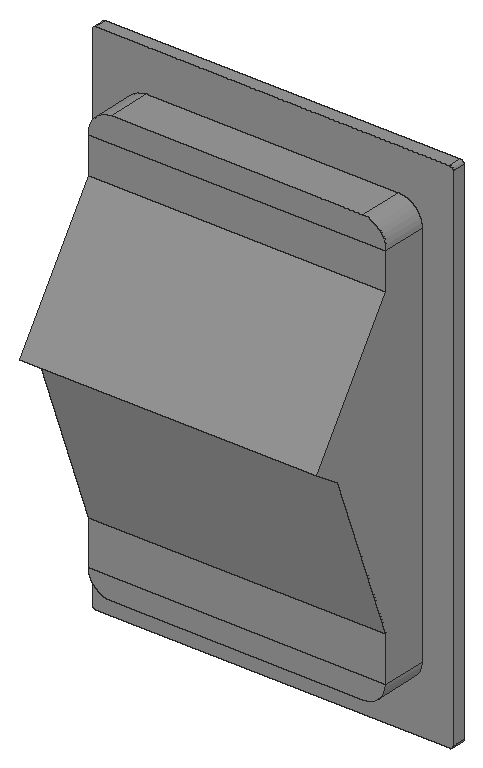
Revit family "L&L_LUCE&LIGHT_PASITO_MINI_1.1", category Lighting Fixtures, host Wall, Revit 2018 (continued)
Types (2, lengths in mm): name | built-in parameter 1150142 | Photometric Web File
    0.01 \r\n12.89 16.72 21.08 26.29 33.01 40.59 48.41 55.57 60.54 \r\n64.26 67.62 70.80 73.95 77.25 80.47 83.46 86.51 89.68 \r\n92.64 95.45 98.31 101.04 103.60 106.25 108.59 111.04 \r\n113.36 115.34 117.24 119.10 120.81 122.32 123.56 124.68 \r\n125.69 126.55 127.21 127.63 127.96 127.94 127.75 127.50 \r\n127.07 126.49 125.70 124.71 123.59 122.31 120.85 119.20 \r\n117.35 115.26 112.91 110.29 107.41 104.21 100.68 96.76 \r\n92.48 87.88 82.91 77.58 72.09 66.58 61.17 55.99 51.18 \r\n46.81 42.85 39.34 36.27 33.60 31.26 29.21 27.41 25.83 \r\n24.43 23.19 22.09 21.10 20.20 19.38 18.61 17.87 17.18 \r\n16.53 15.93 15.37 14.86 14.39 13.96 13.56 13.18 12.84 \r\n12.53 12.24 11.96 11.72 11.50 11.29 11.09 10.91 10.74 \r\n10.58 10.42 10.21 9.94 9.65 9.38 9.13 8.92 8.74 8.56 8.39 \r\n8.20 7.98 7.78 7.60 7.42 7.25 7.05 6.85 6.66 6.47 6.29 \r\n6.07 5.90 5.72 5.53 5.35 5.15 4.97 4.80 4.62 4.43 4.26 \r\n4.07 3.90 3.73 3.55 3.38 3.22 3.06 2.89 2.73 2.58 2.43 \r\n2.28 2.13 1.99 1.86 1.73 1.59 1.46 1.33 1.22 1.11 1.00 \r\n0.89 0.78 0.68 0.58 0.49 0.40 0.31 0.23 0.15 0.07 0.02 \r\n0.02 \r\n0.01 0.08 0.54 1.22 1.58 2.09 3.12 4.48 6.29 8.49 11.12 \r\n14.63 18.91 23.85 30.31 38.10 46.23 54.34 60.48 64.66 \r\n68.37 71.94 75.40 79.11 82.69 86.09 89.65 93.26 96.62 \r\n99.78 103.04 106.34 109.51 112.40 115.19 118.14 120.89 \r\n123.34 125.74 127.96 129.97 131.92 133.54 134.84 136.03 \r\n137.13 138.02 138.60 138.97 139.31 139.37 139.10 138.83 \r\n138.40 137.69 136.87 135.87 134.69 133.36 131.84 130.08 \r\n128.08 125.83 123.32 120.46 117.24 113.64 109.62 105.14 \r\n100.18 94.71 88.89 82.89 76.80 70.71 64.82 59.20 53.96 \r\n49.25 45.04 41.30 38.01 35.14 32.63 30.44 28.52 26.84 \r\n25.36 24.04 22.88 21.83 20.88 20.01 19.21 18.46 17.74 \r\n17.06 16.44 15.87 15.35 14.87 14.43 14.02 13.65 13.30 \r\n12.98 12.69 12.41 12.16 11.93 11.72 11.52 11.35 11.17 \r\n11.00 10.83 10.68 10.48 10.19 9.90 9.65 9.41 9.16 8.97 \r\n8.78 8.58 8.41 8.19 7.98 7.79 7.59 7.42 7.21 7.00 6.83 \r\n6.62 6.42 6.21 6.02 5.83 5.63 5.45 5.24 5.06 4.86 4.68 \r\n4.49 4.30 4.13 3.93 3.74 3.58 3.40 3.22 3.05 2.88 2.72 \r\n2.56 2.41 2.26 2.10 1.96 1.82 1.68 1.54 1.40 1.28 1.16 \r\n1.05 0.93 0.82 0.71 0.61 0.51 0.41 0.32 0.24 0.16 0.08 \r\n0.02 0.02 \r\n0.01 0.08 0.58 1.28 1.61 2.21 3.33 4.79 6.75 9.14 12.14 \r\n16.07 20.69 26.38 33.86 42.32 50.92 58.82 63.91 67.94 \r\n71.90 75.61 79.55 83.57 87.32 91.24 95.22 98.92 102.40 \r\n106.00 109.76 113.26 116.72 120.13 123.31 126.38 129.18 \r\n131.86 134.40 136.60 138.68 140.60 142.24 143.54 144.69 \r\n145.65 146.36 146.79 146.98 147.00 146.85 146.46 145.90 \r\n145.16 144.26 143.20 142.02 140.72 139.22 137.55 135.67 \r\n133.56 131.21 128.64 125.63 122.19 118.41 114.14 109.43 \r\n104.23 98.48 92.27 85.90 79.52 73.08 66.98 61.34 55.94 \r\n51.00 46.61 42.73 39.32 36.33 33.70 31.42 29.43 27.67 \r\n26.11 24.72 23.50 22.40 21.41 20.52 19.69 18.90 18.15 \r\n17.46 16.84 16.25 15.72 15.24 14.79 14.38 14.01 13.66 \r\n13.34 13.03 12.75 12.50 12.27 12.05 11.86 11.67 11.49 \r\n11.33 11.16 10.99 10.83 10.62 10.31 10.01 9.78 9.53 9.29 \r\n9.12 8.91 8.70 8.52 8.30 8.08 7.91 7.68 7.50 7.29 7.07 \r\n6.91 6.68 6.47 6.27 6.05 5.87 5.65 5.47 5.26 5.07 4.87 \r\n4.67 4.50 4.29 4.10 3.92 3.71 3.53 3.37 3.18 3.01 2.84 \r\n2.67 2.51 2.35 2.19 2.04 1.90 1.75 1.60 1.46 1.33 1.21 \r\n1.08 0.96 0.85 0.73 0.63 0.53 0.43 0.34 0.25 0.16 0.08 \r\n0.02 0.02 \r\n0.01 0.08 0.60 1.32 1.62 2.30 3.49 5.03 7.10 9.63 12.92 \r\n17.09 22.01 28.41 36.51 45.51 54.42 61.54 66.30 70.53 \r\n74.59 78.55 82.94 87.09 91.15 95.48 99.57 103.31 107.30 \r\n111.39 115.10 119.02 122.86 126.22 129.53 132.65 135.56 \r\n138.40 140.80 142.97 145.10 146.79 148.09 149.31 150.15 \r\n150.65 151.00 151.08 150.94 150.55 150.01 149.24 148.32 \r\n147.25 146.04 144.70 143.28 141.71 139.95 138.17 136.17 \r\n133.84 131.46 128.82 125.71 122.26 118.50 114.29 109.47 \r\n104.42 98.89 92.69 86.26 80.09 74.02 67.91 62.23 56.76 \r\n51.81 47.56 43.62 40.15 37.12 34.47 32.12 30.05 28.23 \r\n26.62 25.20 23.94 22.81 21.79 20.87 20.02 19.21 18.43 \r\n17.72 17.09 16.51 15.96 15.47 15.03 14.62 14.24 13.88 \r\n13.56 13.26 12.99 12.74 12.50 12.28 12.07 11.89 11.72 \r\n11.56 11.39 11.22 11.06 10.90 10.64 10.33 10.04 9.81 9.55 \r\n9.33 9.16 8.92 8.72 8.55 8.30 8.11 7.92 7.67 7.50 7.27 \r\n7.07 6.89 6.64 6.46 6.23 6.03 5.83 5.62 5.42 5.20 5.01 \r\n4.82 4.62 4.42 4.23 4.02 3.86 3.63 3.46 3.29 3.10 2.93 \r\n2.75 2.59 2.42 2.25 2.10 1.95 1.80 1.65 1.50 1.37 1.24 \r\n1.11 0.99 0.87 0.75 0.65 0.54 0.44 0.35 0.25 0.17 0.09 \r\n0.02 0.02 \r\n0.01 0.08 0.61 1.36 1.62 2.34 3.58 5.15 7.30 9.92 13.41 \r\n17.70 22.86 29.79 38.15 47.47 56.28 63.09 67.91 72.24 \r\n76.34 80.71 85.33 89.55 93.95 98.45 102.53 106.73 111.17 \r\n115.20 119.14 123.14 126.87 130.55 134.02 137.12 140.05 \r\n142.75 145.03 147.12 148.92 150.35 151.48 152.23 152.71 \r\n152.83 152.78 152.44 151.79 150.97 149.95 148.78 147.42 \r\n146.04 144.49 142.78 141.01 139.22 137.33 135.32 133.17 \r\n130.91 128.53 125.76 122.74 119.56 115.79 111.80 107.35 \r\n102.32 97.12 91.49 85.68 79.67 73.61 67.89 62.19 57.07 \r\n52.14 47.89 43.98 40.63 37.50 34.77 32.42 30.39 28.55 \r\n26.90 25.47 24.18 23.03 22.00 21.06 20.20 19.38 18.61 \r\n17.91 17.24 16.63 16.10 15.61 15.16 14.75 14.37 14.02 \r\n13.69 13.39 13.11 12.86 12.63 12.41 12.20 12.02 11.84 \r\n11.69 11.52 11.35 11.20 11.05 10.83 10.53 10.23 9.98 9.74 \r\n9.47 9.30 9.10 8.85 8.67 8.46 8.22 8.07 7.81 7.61 7.44 \r\n7.18 7.00 6.77 6.56 6.36 6.13 5.94 5.72 5.53 5.31 5.10 \r\n4.91 4.71 4.51 4.31 4.11 3.92 3.73 3.52 3.35 3.17 2.98 \r\n2.81 2.63 2.47 2.30 2.13 1.99 1.83 1.67 1.53 1.39 1.25 \r\n1.13 1.00 0.88 0.76 0.66 0.55 0.45 0.35 0.26 0.17 0.09 \r\n0.02 0.02 \r\n0.01 0.07 0.61 1.37 1.61 2.34 3.61 5.15 7.35 10.00 13.56 \r\n17.85 23.13 30.27 38.68 48.30 56.88 63.91 68.76 73.04 \r\n77.30 81.95 86.66 90.90 95.58 100.07 104.38 108.87 113.38 \r\n117.57 121.60 125.60 129.47 133.30 136.84 139.95 142.83 \r\n145.49 147.73 149.64 151.14 152.34 153.09 153.50 153.58 \r\n153.37 152.85 152.03 151.03 149.87 148.29 146.75 145.09 \r\n143.35 141.44 139.58 137.72 135.72 133.76 131.71 129.65 \r\n127.45 125.00 122.38 119.63 116.52 112.94 109.19 104.84 \r\n100.28 95.45 89.79 84.38 78.94 72.98 67.29 62.11 56.91 \r\n52.31 47.94 44.20 40.79 37.69 35.03 32.70 30.56 28.71 \r\n27.04 25.56 24.25 23.09 22.05 21.12 20.26 19.44 18.68 \r\n17.96 17.30 16.73 16.20 15.69 15.22 14.81 14.42 14.06 \r\n13.75 13.45 13.17 12.91 12.68 12.47 12.26 12.08 11.90 \r\n11.74 11.57 11.41 11.26 11.11 10.92 10.65 10.34 10.07 \r\n9.83 9.57 9.35 9.18 8.93 8.73 8.55 8.30 8.12 7.93 7.67 \r\n7.50 7.27 7.06 6.86 6.61 6.44 6.20 5.99 5.79 5.57 5.37 \r\n5.15 4.97 4.75 4.58 4.35 4.16 3.95 3.75 3.57 3.37 3.20 \r\n3.02 2.83 2.65 2.48 2.32 2.14 2.00 1.84 1.68 1.53 1.40 \r\n1.26 1.13 1.01 0.89 0.77 0.67 0.56 0.45 0.36 0.26 0.17 \r\n0.09 0.02 0.02 \r\n0.01 0.07 0.60 1.38 1.59 2.30 3.58 5.06 7.25 9.87 13.39 \r\n17.59 22.85 29.92 38.17 48.02 56.36 64.00 68.91 73.06 \r\n77.53 82.27 87.08 91.29 96.10 100.56 105.23 109.61 114.22 \r\n118.77 122.65 127.01 130.67 134.63 138.33 141.58 144.51 \r\n147.34 149.81 151.75 153.30 154.55 155.28 155.78 155.84 \r\n155.59 154.99 154.15 152.98 151.73 150.17 148.42 146.67 \r\n144.85 142.81 140.85 138.90 136.77 134.63 132.73 130.51 \r\n128.17 126.04 123.42 120.72 117.63 114.37 110.54 106.89 \r\n102.33 97.32 92.27 86.94 81.13 75.20 70.13 64.53 59.58 \r\n54.69 50.20 46.36 42.67 39.78 36.84 34.40 32.25 30.21 \r\n28.39 26.89 25.52 23.07 22.39 21.40 20.55 19.69 18.92 \r\n18.17 17.56 16.89 16.35 15.86 15.38 14.97 14.52 14.16 \r\n13.86 13.55 13.26 13.03 12.78 12.57 12.36 12.19 12.00 \r\n11.84 11.69 11.52 11.36 11.22 11.03 10.72 10.39 10.15 \r\n9.92 9.62 9.43 9.28 8.99 8.82 8.61 8.34 8.19 7.93 7.73 \r\n7.56 7.29 7.10 6.89 6.64 6.50 6.21 6.04 5.79 5.61 5.38 \r\n5.17 4.99 4.77 4.60 4.38 4.16 3.98 3.73 3.59 3.37 3.21 \r\n3.03 2.83 2.65 2.48 2.33 2.15 2.00 1.85 1.69 1.53 1.41 \r\n1.27 1.14 1.01 0.89 0.77 0.67 0.56 0.45 0.36 0.26 0.17 \r\n0.09 0.02 0.02 \r\n0.01 0.07 0.61 1.37 1.61 2.34 3.61 5.15 7.35 10.00 13.56 \r\n17.85 23.13 30.27 38.68 48.30 56.88 63.91 68.76 73.04 \r\n77.30 81.95 86.66 90.90 95.58 100.07 104.38 108.87 113.38 \r\n117.57 121.60 125.60 129.47 133.30 136.84 139.95 142.83 \r\n145.49 147.73 149.64 151.14 152.34 153.09 153.50 153.58 \r\n153.37 152.85 152.03 151.03 149.87 148.29 146.75 145.09 \r\n143.35 141.44 139.58 137.72 135.72 133.76 131.71 129.65 \r\n127.45 125.00 122.38 119.63 116.52 112.94 109.19 104.84 \r\n100.28 95.45 89.79 84.38 78.94 72.98 67.29 62.11 56.91 \r\n52.31 47.94 44.20 40.79 37.69 35.03 32.70 30.56 28.71 \r\n27.04 25.56 24.25 23.09 22.05 21.12 20.26 19.44 18.68 \r\n17.96 17.30 16.73 16.20 15.69 15.22 14.81 14.42 14.06 \r\n13.75 13.45 13.17 12.91 12.68 12.47 12.26 12.08 11.90 \r\n11.74 11.57 11.41 11.26 11.11 10.92 10.65 10.34 10.07 \r\n9.83 9.57 9.35 9.18 8.93 8.73 8.55 8.30 8.12 7.93 7.67 \r\n7.50 7.27 7.06 6.86 6.61 6.44 6.20 5.99 5.79 5.57 5.37 \r\n5.15 4.97 4.75 4.58 4.35 4.16 3.95 3.75 3.57 3.37 3.20 \r\n3.02 2.83 2.65 2.48 2.32 2.14 2.00 1.84 1.68 1.53 1.40 \r\n1.26 1.13 1.01 0.89 0.77 0.67 0.56 0.45 0.36 0.26 0.17 \r\n0.09 0.02 0.02 \r\n0.01 0.08 0.61 1.36 1.62 2.34 3.58 5.15 7.30 9.92 13.41 \r\n17.70 22.86 29.79 38.15 47.47 56.28 63.09 67.91 72.24 \r\n76.34 80.71 85.33 89.55 93.95 98.45 102.53 106.73 111.17 \r\n115.20 119.14 123.14 126.87 130.55 134.02 137.12 140.05 \r\n142.75 145.03 147.12 148.92 150.35 151.48 152.23 152.71 \r\n152.83 152.78 152.44 151.79 150.97 149.95 148.78 147.42 \r\n146.04 144.49 142.78 141.01 139.22 137.33 135.32 133.17 \r\n130.91 128.53 125.76 122.74 119.56 115.79 111.80 107.35 \r\n102.32 97.12 91.49 85.68 79.67 73.61 67.89 62.19 57.07 \r\n52.14 47.89 43.98 40.63 37.50 34.77 32.42 30.39 28.55 \r\n26.90 25.47 24.18 23.03 22.00 21.06 20.20 19.38 18.61 \r\n17.91 17.24 16.63 16.10 15.61 15.16 14.75 14.37 14.02 \r\n13.69 13.39 13.11 12.86 12.63 12.41 12.20 12.02 11.84 \r\n11.69 11.52 11.35 11.20 11.05 10.83 10.53 10.23 9.98 9.74 \r\n9.47 9.30 9.10 8.85 8.67 8.46 8.22 8.07 7.81 7.61 7.44 \r\n7.18 7.00 6.77 6.56 6.36 6.13 5.94 5.72 5.53 5.31 5.10 \r\n4.91 4.71 4.51 4.31 4.11 3.92 3.73 3.52 3.35 3.17 2.98 \r\n2.81 2.63 2.47 2.30 2.13 1.99 1.83 1.67 1.53 1.39 1.25 \r\n1.13 1.00 0.88 0.76 0.66 0.55 0.45 0.35 0.26 0.17 0.09 \r\n0.02 0.02 \r\n0.01 0.08 0.60 1.32 1.62 2.30 3.49 5.03 7.10 9.63 12.92 \r\n17.09 22.01 28.41 36.51 45.51 54.42 61.54 66.30 70.53 \r\n74.59 78.55 82.94 87.09 91.15 95.48 99.57 103.31 107.30 \r\n111.39 115.10 119.02 122.86 126.22 129.53 132.65 135.56 \r\n138.40 140.80 142.97 145.10 146.79 148.09 149.31 150.15 \r\n150.65 151.00 151.08 150.94 150.55 150.01 149.24 148.32 \r\n147.25 146.04 144.70 143.28 141.71 139.95 138.17 136.17 \r\n133.84 131.46 128.82 125.71 122.26 118.50 114.29 109.47 \r\n104.42 98.89 92.69 86.26 80.09 74.02 67.91 62.23 56.76 \r\n51.81 47.56 43.62 40.15 37.12 34.47 32.12 30.05 28.23 \r\n26.62 25.20 23.94 22.81 21.79 20.87 20.02 19.21 18.43 \r\n17.72 17.09 16.51 15.96 15.47 15.03 14.62 14.24 13.88 \r\n13.56 13.26 12.99 12.74 12.50 12.28 12.07 11.89 11.72 \r\n11.56 11.39 11.22 11.06 10.90 10.64 10.33 10.04 9.81 9.55 \r\n9.33 9.16 8.92 8.72 8.55 8.30 8.11 7.92 7.67 7.50 7.27 \r\n7.07 6.89 6.64 6.46 6.23 6.03 5.83 5.62 5.42 5.20 5.01 \r\n4.82 4.62 4.42 4.23 4.02 3.86 3.63 3.46 3.29 3.10 2.93 \r\n2.75 2.59 2.42 2.25 2.10 1.95 1.80 1.65 1.50 1.37 1.24 \r\n1.11 0.99 0.87 0.75 0.65 0.54 0.44 0.35 0.25 0.17 0.09 \r\n0.02 0.02 \r\n0.01 0.08 0.58 1.28 1.61 2.21 3.33 4.79 6.75 9.14 12.14 \r\n16.07 20.69 26.38 33.86 42.32 50.92 58.82 63.91 67.94 \r\n71.90 75.61 79.55 83.57 87.32 91.24 95.22 98.92 102.40 \r\n106.00 109.76 113.26 116.72 120.13 123.31 126.38 129.18 \r\n131.86 134.40 136.60 138.68 140.60 142.24 143.54 144.69 \r\n145.65 146.36 146.79 146.98 147.00 146.85 146.46 145.90 \r\n145.16 144.26 143.20 142.02 140.72 139.22 137.55 135.67 \r\n133.56 131.21 128.64 125.63 122.19 118.41 114.14 109.43 \r\n104.23 98.48 92.27 85.90 79.52 73.08 66.98 61.34 55.94 \r\n51.00 46.61 42.73 39.32 36.33 33.70 31.42 29.43 27.67 \r\n26.11 24.72 23.50 22.40 21.41 20.52 19.69 18.90 18.15 \r\n17.46 16.84 16.25 15.72 15.24 14.79 14.38 14.01 13.66 \r\n13.34 13.03 12.75 12.50 12.27 12.05 11.86 11.67 11.49 \r\n11.33 11.16 10.99 10.83 10.62 10.31 10.01 9.78 9.53 9.29 \r\n9.12 8.91 8.70 8.52 8.30 8.08 7.91 7.68 7.50 7.29 7.07 \r\n6.91 6.68 6.47 6.27 6.05 5.87 5.65 5.47 5.26 5.07 4.87 \r\n4.67 4.50 4.29 4.10 3.92 3.71 3.53 3.37 3.18 3.01 2.84 \r\n2.67 2.51 2.35 2.19 2.04 1.90 1.75 1.60 1.46 1.33 1.21 \r\n1.08 0.96 0.85 0.73 0.63 0.53 0.43 0.34 0.25 0.16 0.08 \r\n0.02 0.02 \r\n0.01 0.08 0.54 1.22 1.58 2.09 3.12 4.48 6.29 8.49 11.12 \r\n14.63 18.91 23.85 30.31 38.10 46.23 54.34 60.48 64.66 \r\n68.37 71.94 75.40 79.11 82.69 86.09 89.65 93.26 96.62 \r\n99.78 103.04 106.34 109.51 112.40 115.19 118.14 120.89 \r\n123.34 125.74 127.96 129.97 131.92 133.54 134.84 136.03 \r\n137.13 138.02 138.60 138.97 139.31 139.37 139.10 138.83 \r\n138.40 137.69 136.87 135.87 134.69 133.36 131.84 130.08 \r\n128.08 125.83 123.32 120.46 117.24 113.64 109.62 105.14 \r\n100.18 94.71 88.89 82.89 76.80 70.71 64.82 59.20 53.96 \r\n49.25 45.04 41.30 38.01 35.14 32.63 30.44 28.52 26.84 \r\n25.36 24.04 22.88 21.83 20.88 20.01 19.21 18.46 17.74 \r\n17.06 16.44 15.87 15.35 14.87 14.43 14.02 13.65 13.30 \r\n12.98 12.69 12.41 12.16 11.93 11.72 11.52 11.35 11.17 \r\n11.00 10.83 10.68 10.48 10.19 9.90 9.65 9.41 9.16 8.97 \r\n8.78 8.58 8.41 8.19 7.98 7.79 7.59 7.42 7.21 7.00 6.83 \r\n6.62 6.42 6.21 6.02 5.83 5.63 5.45 5.24 5.06 4.86 4.68 \r\n4.49 4.30 4.13 3.93 3.74 3.58 3.40 3.22 3.05 2.88 2.72 \r\n2.56 2.41 2.26 2.10 1.96 1.82 1.68 1.54 1.40 1.28 1.16 \r\n1.05 0.93 0.82 0.71 0.61 0.51 0.41 0.32 0.24 0.16 0.08 \r\n0.02 0.02 \r\n0.01 0.08 0.50 1.16 1.54 1.97 2.87 4.07 5.69 7.70 10.01 \r\n12.89 16.72 21.08 26.29 33.01 40.59 48.41 55.57 60.54 \r\n64.26 67.62 70.80 73.95 77.25 80.47 83.46 86.51 89.68 \r\n92.64 95.45 98.31 101.04 103.60 106.25 108.59 111.04 \r\n113.36 115.34 117.24 119.10 120.81 122.32 123.56 124.68 \r\n125.69 126.55 127.21 127.63 127.96 127.94 127.75 127.50 \r\n127.07 126.49 125.70 124.71 123.59 122.31 120.85 119.20 \r\n117.35 115.26 112.91 110.29 107.41 104.21 100.68 96.76 \r\n92.48 87.88 82.91 77.58 72.09 66.58 61.17 55.99 51.18 \r\n46.81 42.85 39.34 36.27 33.60 31.26 29.21 27.41 25.83 \r\n24.43 23.19 22.09 21.10 20.20 19.38 18.61 17.87 17.18 \r\n16.53 15.93 15.37 14.86 14.39 13.96 13.56 13.18 12.84 \r\n12.53 12.24 11.96 11.72 11.50 11.29 11.09 10.91 10.74 \r\n10.58 10.42 10.21 9.94 9.65 9.38 9.13 8.92 8.74 8.56 8.39 \r\n8.20 7.98 7.78 7.60 7.42 7.25 7.05 6.85 6.66 6.47 6.29 \r\n6.07 5.90 5.72 5.53 5.35 5.15 4.97 4.80 4.62 4.43 4.26 \r\n4.07 3.90 3.73 3.55 3.38 3.22 3.06 2.89 2.73 2.58 2.43 \r\n2.28 2.13 1.99 1.86 1.73 1.59 1.46 1.33 1.22 1.11 1.00 \r\n0.89 0.78 0.68 0.58 0.49 0.40 0.31 0.23 0.15 0.07 0.02 \r\n0.02 \r\n0.01 0.08 0.44 1.08 1.49 1.82 2.59 3.64 5.00 6.78 8.83 \r\n11.15 14.24 18.03 22.33 27.65 34.06 41.17 48.59 55.00 \r\n59.49 62.83 65.79 68.61 71.33 74.09 76.91 79.51 82.09 \r\n84.72 87.14 89.45 91.83 94.16 96.20 98.14 100.17 102.06 \r\n103.86 105.52 107.04 108.36 109.48 110.62 111.60 112.30 \r\n112.89 113.43 113.72 113.83 113.72 113.49 113.23 112.79 \r\n112.15 111.32 110.35 109.23 107.95 106.52 104.96 103.25 \r\n101.39 99.35 97.10 94.65 91.98 89.07 85.89 82.42 78.66 \r\n74.62 70.30 65.79 61.18 56.55 52.04 47.77 43.82 40.27 \r\n37.11 34.32 31.86 29.70 27.81 26.16 24.69 23.39 22.23 \r\n21.18 20.24 19.40 18.62 17.89 17.18 16.51 15.88 15.29 \r\n14.75 14.24 13.79 13.36 12.96 12.59 12.25 11.94 11.66 \r\n11.40 11.16 10.94 10.74 10.55 10.37 10.21 10.04 9.81 9.55 \r\n9.26 9.00 8.76 8.57 8.41 8.26 8.07 7.87 7.67 7.49 7.33 \r\n7.18 6.99 6.78 6.60 6.43 6.26 6.07 5.89 5.71 5.54 5.36 \r\n5.18 5.01 4.84 4.66 4.48 4.31 4.14 3.98 3.81 3.63 3.48 \r\n3.32 3.17 3.01 2.85 2.71 2.56 2.41 2.27 2.14 2.00 1.88 \r\n1.74 1.61 1.48 1.36 1.25 1.15 1.04 0.93 0.83 0.73 0.64 \r\n0.55 0.46 0.37 0.29 0.21 0.14 0.06 0.02 0.02 \r\n0.01 0.08 0.38 0.97 1.43 1.70 2.29 3.18 4.29 5.73 7.55 \r\n9.52 11.82 14.84 18.45 22.56 27.60 33.40 39.87 46.73 \r\n52.80 57.39 60.47 62.96 65.37 67.74 69.93 72.13 74.37 \r\n76.40 78.50 80.51 82.32 84.08 85.82 87.46 88.92 90.35 \r\n91.74 93.06 94.25 95.21 96.05 96.90 97.57 98.06 98.46 \r\n98.68 98.77 98.76 98.60 98.25 97.82 97.30 96.60 95.78 \r\n94.79 93.65 92.50 91.24 89.82 88.26 86.51 84.67 82.73 \r\n80.64 78.45 76.16 73.69 71.00 68.10 65.00 61.70 58.22 \r\n54.61 50.94 47.31 43.80 40.49 37.44 34.67 32.19 30.00 \r\n28.06 26.33 24.81 23.45 22.25 21.17 20.19 19.30 18.50 \r\n17.75 17.05 16.38 15.73 15.12 14.55 14.02 13.53 13.08 \r\n12.65 12.26 11.91 11.57 11.26 10.97 10.71 10.47 10.26 \r\n10.07 9.89 9.72 9.52 9.29 9.02 8
